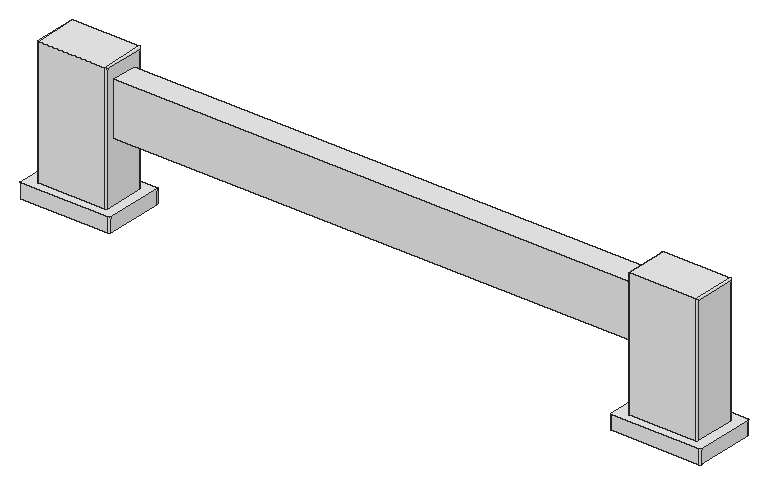
Revit family "Grab_Bar-Grohe-Essentials_Cube-40514001", category Specialty Equipment, host Face, Revit 2019
Family settings
  Host = Face
  Round Connector Dimension = Use Diameter
  Part Type = Normal
  OmniClass Number = 23.40.20.21.27
  OmniClass Title = Towel Bars
  Cut with Voids When Loaded = No
  Shared = Yes
  Room Calculation Point = No
Parameters (values of type "40514001")
  Width = 3 3/16"
  Warranty Information = "Limited Lifetime Warranty"
  URL = "https://www.grohe.ca/en_ca/"
  Type Comments = ""
  Revised Date = "05/11/2021"  # constant formula
  Product Page URL = "https://www.grohe.ca/Grab-Bars/12-Inch-Grab-Bar/GROHE-CHROME-40514001"
  Product Documentation Link = "https://americanstandard.box.com/shared/static/q1qe4eov53uyezunbawge5zrtwzby9te.pdf"
  Price = "Prices may vary. Please consult Manufacturer Representative for most up-to-date price list."  # constant formula
  Model = "40514001"
  Material = "Metal-Grohe-000-Starlight_Chrome"
  Manufacturer = "GROHE"
  Length = 13 99/256"
  Installation Type = "Wall Mounted"
  Height = 1 3/8"
  Description = "Essentials Cube 12\" Grab Bar"
  Default Elevation = 35 23/32"
  Creation Date = "07/013/2017"
  Assembly Code = "C1030200"
Reference planes (in)
  plane 1 "Center (Front/Back)": y = 0
  plane 2: z = 0
  plane 3 "Center (Left/Right)": x = 0
  plane 4: z = 3.1875
  plane 5: x = -6.69336
  plane 6: x = 6.69336
  plane 7: x = 7.71716
  plane 8: x = 5.66992
  plane 9: x = -7.71716
  plane 10: x = -5.66992
  plane 11: y = 0.68898
  plane 12: y = -0.68602
Forms (in)
  Extrusion 1, solid, material "Metal-Grohe-000-Starlight_Chrome"
    sketch origin (0, 0, 0) x (1, 0, 0) y (0, 1, 0)
      loop
        arc (-5.66992, 0.64961) -> (-5.68145, 0.67745) -> (-5.70929, 0.68898) r 0.03937
        line (-5.70929, 0.68898) -> (-7.67779, 0.68898)
        arc (-7.67779, 0.68898) -> (-7.70563, 0.67745) -> (-7.71716, 0.64961) r 0.03937
        line (-7.71716, 0.64961) -> (-7.71716, -0.64961)
        arc (-7.71716, -0.64961) -> (-7.70563, -0.67745) -> (-7.67779, -0.68898) r 0.03937
        line (-7.67779, -0.68898) -> (-5.70929, -0.68898)
        arc (-5.70929, -0.68898) -> (-5.68145, -0.67745) -> (-5.66992, -0.64961) r 0.03937
        line (-5.66992, -0.64961) -> (-5.66992, 0.64961)
      loop
        line (5.66992, 0.64961) -> (5.66992, -0.64961)
        arc (5.66992, -0.64961) -> (5.68145, -0.67745) -> (5.70929, -0.68898) r 0.03937
        line (5.70929, -0.68898) -> (7.67743, -0.68898)
        arc (7.67743, -0.68898) -> (7.70527, -0.67745) -> (7.7168, -0.64961) r 0.03937
        line (7.7168, -0.64961) -> (7.7168, 0.64961)
        arc (7.7168, 0.64961) -> (7.70527, 0.67745) -> (7.67743, 0.68898) r 0.03937
        line (7.67743, 0.68898) -> (5.70929, 0.68898)
        arc (5.70929, 0.68898) -> (5.68145, 0.67745) -> (5.66992, 0.64961) r 0.03937
    from 0 to 0.31496
  Extrusion 2, solid, material "Metal-Grohe-000-Starlight_Chrome"
    sketch origin (0, 0, 0) x (1, 0, 0) y (0, 1, 0)
      loop
        line (-5.94533, 0.49213) -> (-7.44139, 0.49213)
        arc (-7.44139, 0.49213) -> (-7.46923, 0.48059) -> (-7.48076, 0.45276) r 0.03937
        line (-7.48076, 0.45276) -> (-7.48076, -0.45276)
        arc (-7.48076, -0.45276) -> (-7.46923, -0.48059) -> (-7.44139, -0.49213) r 0.03937
        line (-7.44139, -0.49213) -> (-5.94533, -0.49213)
        arc (-5.94533, -0.49213) -> (-5.91749, -0.48059) -> (-5.90596, -0.45276) r 0.03937
        line (-5.90596, -0.45276) -> (-5.90596, 0.45276)
        arc (-5.90596, 0.45276) -> (-5.91749, 0.48059) -> (-5.94533, 0.49213) r 0.03937
      loop
        arc (5.94533, 0.49213) -> (5.91749, 0.48059) -> (5.90596, 0.45276) r 0.03937
        line (5.90596, 0.45276) -> (5.90596, -0.45276)
        arc (5.90596, -0.45276) -> (5.91749, -0.48059) -> (5.94533, -0.49213) r 0.03937
        line (5.94533, -0.49213) -> (7.44139, -0.49213)
        arc (7.44139, -0.49213) -> (7.46923, -0.48059) -> (7.48076, -0.45276) r 0.03937
        line (7.48076, -0.45276) -> (7.48076, 0.45276)
        arc (7.48076, 0.45276) -> (7.46923, 0.48059) -> (7.44139, 0.49213) r 0.03937
        line (7.44139, 0.49213) -> (5.94533, 0.49213)
    from 0 to 3.1875
  Extrusion 3, solid, material "Metal-Grohe-000-Starlight_Chrome"
    sketch origin (0, 0, 0) x (1, 0, 0) y (0, 1, 0)
      loop
        line (-5.90596, 0.29528) -> (-5.90596, -0.29528) -> (5.90596, -0.29528) -> (5.90596, 0.29528) -> (-5.90596, 0.29528)
    from 1.69291 to 2.87402
  Extrusion 4, void
    sketch origin (0, 0, 0) x (1, 0, 0) y (0, 0, 1)
      loop
        line (7.48076, 3.14813) -> (7.48076, 3.30413) -> (5.90596, 3.30413) -> (5.90596, 3.14813)
        arc (5.90596, 3.14813) -> (5.91749, 3.17597) -> (5.94533, 3.1875) r 0.03937
        line (5.94533, 3.1875) -> (7.44139, 3.1875)
        arc (7.44139, 3.1875) -> (7.46923, 3.17597) -> (7.48076, 3.14813) r 0.03937
      loop
        arc (-7.48076, 3.14813) -> (-7.46923, 3.17597) -> (-7.44139, 3.1875) r 0.03937
        line (-7.44139, 3.1875) -> (-5.94533, 3.1875)
        arc (-5.94533, 3.1875) -> (-5.91749, 3.17597) -> (-5.90596, 3.14813) r 0.03937
        line (-5.90596, 3.14813) -> (-5.90596, 3.30413) -> (-7.48076, 3.30413) -> (-7.48076, 3.14813)
    from -0.68898 to 0.68898
Cuts and joins
  Extrusion 4 cuts Extrusion 2
  joined: Extrusion 1, Extrusion 2, Extrusion 3
Lines and regions (in)
  Masking region 1
    outline origin (0, 0, 0) x (1, 0, 0) y (0, 0, 1)
      loop
        line (5.90596, 2.87402) -> (-5.90596, 2.87402) -> (-5.90596, 3.14923)
        arc (-5.90596, 3.14923) -> (-5.91717, 3.17629) -> (-5.94423, 3.1875) r 0.03827
        line (-5.94423, 3.1875) -> (-7.44267, 3.1875)
        arc (-7.44267, 3.1875) -> (-7.46961, 3.17634) -> (-7.48076, 3.14941) r 0.03809
        line (-7.48076, 3.14941) -> (-7.48076, 0.31496) -> (-7.71716, 0.31496) -> (-7.71716, 0) -> (-5.66992, 0) -> (-5.66992, 0.31496) -> (-5.90596, 0.31496) -> (-5.90596, 1.69291) -> (5.90596, 1.69291) -> (5.90596, 0.31496) -> (5.66992, 0.31496) -> (5.66992, 0) -> (7.7168, 0) -> (7.7168, 0.31496) -> (7.48076, 0.31496) -> (7.48076, 3.14825)
        arc (7.48076, 3.14825) -> (7.46927, 3.176) -> (7.44151, 3.1875) r 0.03925
        line (7.44151, 3.1875) -> (5.94505, 3.1875)
        arc (5.94505, 3.1875) -> (5.91741, 3.17605) -> (5.90596, 3.14841) r 0.03909
        line (5.90596, 3.14841) -> (5.90596, 2.87402)
  symbolic lines, detail levels fine
    curve 1: line (5.90596, 0, 2.87402) -> (5.90596, 0, 1.69291)
    curve 2: line (-5.90596, 0, 2.87402) -> (-5.90596, 0, 1.69291)
  symbolic lines, detail levels medium+fine
    curve 3: line (5.90596, 0, 0.31496) -> (7.48076, 0, 0.31496)
    curve 4: line (-5.90596, 0, 0.31496) -> (-7.48076, 0, 0.31496)
Dimensions and locks (in)
  "Width": plane 2 to plane 4
  equal spacing: plane 5, plane 3 "Center (Left/Right)", plane 6
  "Length": plane 5 to plane 6
  plane 8 to plane 7 = 2.04724"
  cut or joined group of Extrusion 1, Extrusion 2, Extrusion 3, Extrusion 4 to plane 1 "Center (Front/Back)" = 0.29528"
  "Height": plane 12 to plane 11
  cut or joined group of Extrusion 1, Extrusion 2, Extrusion 3, Extrusion 4 to plane 10 = 2.04724"
  aligned and locked: plane 2 to host face
  aligned and locked: level to host face
Automatic sketch dimensions
  host sketch curve to host sketch curve = 96"  (x2)
  plane 5 to Extrusion 2 sketch curve = 0.7874"
  Extrusion 2 sketch curve to Extrusion 2 sketch curve = 0.03937"  (x6)
  Extrusion 2 sketch curve to plane 1 "Center (Front/Back)" = 0.49213"
  Extrusion 2 sketch curve to plane 5 = 0.74803"  (x2)
  Extrusion 2 sketch curve to plane 6 = 0.7874"
  plane 6 to Extrusion 2 sketch curve = 0.74803"  (x2)
  plane 1 "Center (Front/Back)" to Extrusion 2 sketch curve = 0.45276"  (x2)
  Extrusion 2 sketch curve to plane 1 "Center (Front/Back)" = 0.45276"
  plane 1 "Center (Front/Back)" to Extrusion 3 sketch curve = 0.29528"
  Extrusion 3 sketch curve to plane 5 = 0.7874"
  Extrusion 3 sketch curve to plane 6 = 0.7874"
  Extrusion 3 sketch curve to plane 1 "Center (Front/Back)" = 0.29528"
  Extrusion 4 sketch curve to plane 4 = 0"  (x2)
  plane 4 to Extrusion 4 sketch curve = 0.11663"  (x2)
  plane 5 to Extrusion 4 sketch curve = 0.7874"
  Extrusion 4 sketch curve to Extrusion 4 sketch curve = 0.03937"  (x2)
  Extrusion 4 sketch curve to plane 4 = 0.03937"  (x2)
  Extrusion 4 sketch curve to plane 5 = 0.74803"
  Extrusion 4 sketch curve to plane 6 = 0.7874"
  plane 6 to Extrusion 4 sketch curve = 0.74803"
  Extrusion 1 sketch curve to plane 9 = 0"
  Extrusion 1 sketch curve to plane 10 = 0"
  Extrusion 1 sketch curve to plane 8 = 0"
  Extrusion 1 sketch curve to Extrusion 1 sketch curve = 0.03937"  (x2)
  Extrusion 1 sketch curve to plane 10 = 0.03937"  (x2)
  Extrusion 1 sketch curve to plane 8 = 0.03937"  (x2)
  Extrusion 1 sketch curve to plane 7 = 0.03974"  (x2)
  Extrusion 1 sketch curve to plane 7 = 0.00037"
  plane 1 "Center (Front/Back)" to Extrusion 1 sketch curve = 0.68898"  (x2)
  Extrusion 1 sketch curve to plane 1 "Center (Front/Back)" = 0.64961"  (x2)
  Masking region 1 sketch curve to level = 0"  (x2)
  plane 9 to Masking region 1 sketch curve = 0"
  Masking region 1 sketch curve to plane 4 = 0"  (x2)
  Masking region 1 sketch curve to plane 10 = 0"
  plane 8 to Masking region 1 sketch curve = 0"
  Masking region 1 sketch curve to plane 9 = 0.2364"
  Masking region 1 sketch curve to plane 4 = 0.03809"
  Masking region 1 sketch curve to plane 10 = 0.27431"
  Masking region 1 sketch curve to plane 10 = 0.23604"
  Masking region 1 sketch curve to Masking region 1 sketch curve = 0.03827"
  Masking region 1 sketch curve to plane 8 = 0.23604"  (x2)
  Masking region 1 sketch curve to plane 4 = 0.03909"
  Masking region 1 sketch curve to plane 7 = 0.27565"
  Masking region 1 sketch curve to plane 7 = 0.2364"
  Masking region 1 sketch curve to plane 7 = 0.00037"
  level to Masking region 1 sketch curve = 0.31496"  (x4)
  Masking region 1 sketch curve to Masking region 1 sketch curve = 1.37795"
  Masking region 1 sketch curve to Masking region 1 sketch curve = 0.27521"
  curve 4 to plane 9 = 0.2364"
  level to curve 3 = 0.31496"
  curve 2 to plane 10 = 0.23604"
  curve 4 to plane 10 = 0.23604"
  curve 3 to plane 8 = 0.23604"
  curve 1 to plane 8 = 0.23604"
  curve 3 to plane 7 = 0.2364"
  level to curve 4 = 0.31496"
  curve 4 to curve 2 = 1.37795"
  curve 3 to curve 1 = 1.37795"
  curve 2 to plane 4 = 0.31348"
  curve 1 to plane 4 = 0.31348"
